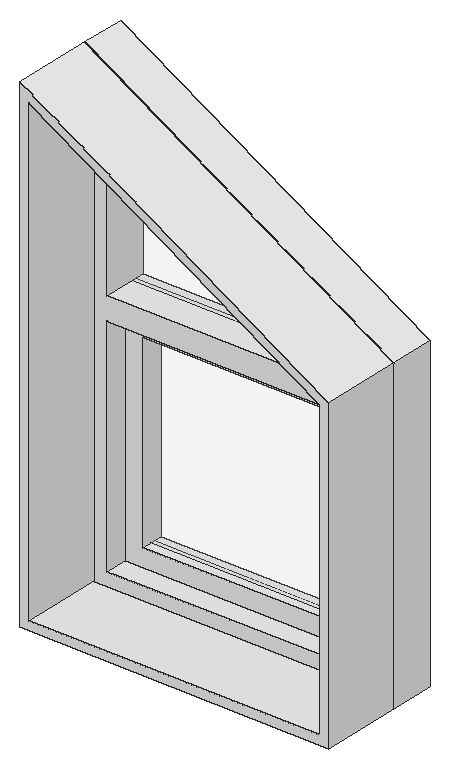
Revit family "1x2 Angled", category Windows, host Wall, Revit 2015
Parameters (values of type "7x11M")
  WindowBasalOpening = ""
  Wall Thickness [instance] = 300 mm
  URL = ""
  Total Glass Area = (Rough Height - Frame Width * 2) * (Rough Width - Frame Width * 2)  # 0.5841 m²
  Offset [instance] = 20 mm
  Module Width = Rough Width / 100 mm  # 7
  Module Height = Rough Height / 100 mm  # 11
  Material Jamb = none
  Jamb Width = 20 mm
  Jamb [instance] = yes
  Height Top = tan(Angle) * (Rough Width)  # 398.372 mm
  Height Bottom = 600 mm
  Gap [instance] = 10 mm
  Rough Width = 690 mm
  Rough Height = 1090 mm
  Model = ""
  Material Glass = none
  Material Frame = none
  Frame Width = 50 mm
  Height [instance] = Rough Height + Gap * 2  # 1110 mm
  Frame Depth = 100 mm
  Field 1 [instance] = Opening : Opening
  Default Sill Height = 900 mm
  Wall Closure = By host
  Width [instance] = Rough Width + Gap * 2  # 710 mm
  Assembly Code = ""
  Angle = 30.00°
  Analytic Construction = "<None>"
Reference planes
  plane 1 "Center (Front/Back)": y = -20
  plane 2 "Center (Left/Right)": x = -42.398
  plane 3 "Left": x = -397.398
  plane 4 "Right": x = 312.602
  plane 5 "Sill": z = 900
  plane 6 "Head": z = 2010
  plane 7 "Exterior": y = 130
  plane 8 "Interior": y = -170
  plane 9: x = -387.398
  plane 10: x = 302.602
  plane 11: z = 910
  plane 12: z = 2000
  plane 13 "Offset": y = 110
  plane 14 "Offset Jamb": y = 10
  plane 15: x = 252.602
  plane 16: x = -337.398
  plane 17: z = 1950
  plane 18: z = 960
  plane 19: x = -397.398
  plane 20: x = 312.602
  plane 21: z = 900
  plane 22: z = 2010
  plane 23: z = 1510
  plane 24: z = 1460
  plane 25: z = 1601.628
Forms (mm)
  Extrusion 1, solid, material <- "Material Frame"
    sketch origin (0, 110, 0) x (-1, 0, 0) y (0, 0, 1)
      loop
        line (-302.602, 910) -> (387.398, 910) -> (387.398, 2000) -> (-302.602, 1601.628) -> (-302.602, 910)
      loop
        line (-252.602, 960) -> (337.398, 960) -> (337.398, 1460) -> (-252.602, 1460) -> (-252.602, 960)
      loop
        line (337.398, 1913.397) -> (-252.602, 1572.761) -> (-252.602, 1510) -> (337.398, 1510) -> (337.398, 1913.397)
    from 0 to -100
  Extrusion 2, solid, material <- "Material Jamb", visible <- "Jamb", detail levels medium+fine
    sketch origin (0, 10, 0) x (-1, 0, 0) y (0, 0, 1)
      loop
        line (-302.602, 1601.628) -> (-302.602, 910) -> (387.398, 910) -> (387.398, 2000) -> (-302.602, 1601.628)
      loop
        line (367.398, 930) -> (367.398, 1965.359) -> (-282.602, 1590.081) -> (-282.602, 930) -> (367.398, 930)
    from 0 to -180
  Extrusion 3, solid, material <- "Material Glass"
    sketch origin (0, 110, 0) x (-1, 0, 0) y (0, 0, 1)
      loop
        line (-252.602, 1510) -> (337.398, 1510) -> (337.398, 1913.397) -> (-252.602, 1572.761) -> (-252.602, 1510)
    from -20 to -30
Lines and regions (mm)
  Opening 1
    outline origin (3500, -170, 0) x (1, 0, 0) y (0, 0, 1)
      loop
        line (-3187.398, 900) -> (-3187.398, 1607.402) -> (-3897.398, 2017.321) -> (-3897.398, 900) -> (-3187.398, 900)
  symbolic lines, style "WindowsGlassProjection", detail levels fine
    curve 1: line (-42.398, 80, 1913.397) -> (-42.398, 80, 1510)
    curve 2: line (-42.398, 90, 1510) -> (-42.398, 90, 1913.397)
  symbolic lines, style "WindowsGlassProjection", detail levels coarse+medium
    curve 3: line (-42.398, 85, 1913.397) -> (-42.398, 85, 1510)
Text (mm)
  text "EXTERIOR" at (-1981.535, 863.181, 0), in view "Ref. Level"
  text "INTERIOR" at (-2017.992, -707.606, 0), in view "Ref. Level"
  text "Exterior" at (0, 923.751, 2943.296), in view "Right"
  text "Exterior" at (0, 1019.841, 2788.626), in view "Left"
Dimensions and locks
  equal spacing: plane 3 "Left", plane 2 "Center (Left/Right)", plane 4 "Right"
  "Rough Width": plane 9 to plane 10
  "Rough Height": plane 11 to plane 12
  "Default Sill Height": plane 21 to level
  locked: plane 7 "Exterior" to host wall
  locked: plane 8 "Interior" to host wall
  "Gap": plane 12 to plane 6 "Head"
  "Gap": plane 5 "Sill" to plane 11
  "Gap": plane 10 to plane 4 "Right"
  "Gap": plane 9 to plane 3 "Left"
  "Offset": plane 13 "Offset" to plane 7 "Exterior"
  "Frame Depth": plane 13 "Offset" to plane 14 "Offset Jamb"
  equal spacing: plane 8 "Interior", plane 1 "Center (Front/Back)", plane 7 "Exterior"
  "Frame Width": plane 17 to plane 12
  "Frame Width": plane 16 to plane 9
  "Frame Width": plane 11 to plane 18
  "Frame Width": plane 10 to plane 15
  "Jamb Width": Extrusion 2 sketch curve to Extrusion 2 sketch curve  (x3)
  "Wall Thickness": host wall to host wall
  "Height Bottom": plane 11 to plane 23
  "Frame Width": plane 24 to plane 23
  "Height Top": plane 25 to plane 12
  "Frame Width": Extrusion 1 sketch curve to Extrusion 1 sketch curve
  "Jamb Width": Extrusion 1 to Extrusion 2 sketch curve
  "Gap": Opening 1 sketch curve to Extrusion 1
  equal spacing: Extrusion 3, curve 3, Extrusion 3
  aligned and locked: plane 10 to Extrusion 1
  aligned and locked: Extrusion 1 to plane 9
  aligned and locked: Extrusion 1 to plane 11
  aligned and locked: Extrusion 1 to plane 14 "Offset Jamb"
  aligned and locked: plane 8 "Interior" to Extrusion 2
  aligned and locked: Extrusion 1 sketch curve to plane 15
  aligned and locked: Extrusion 1 sketch curve to plane 16  (x2)
  aligned and locked: Extrusion 2 sketch curve to plane 9
  aligned and locked: Extrusion 2 sketch curve to plane 10
  aligned and locked: Extrusion 2 sketch curve to plane 11
  aligned and locked: plane 19 to plane 3 "Left"
  aligned and locked: plane 20 to plane 4 "Right"
  aligned and locked: plane 21 to plane 5 "Sill"
  aligned and locked: plane 22 to plane 6 "Head"
  aligned and locked: Extrusion 1 sketch curve to plane 18
  aligned and locked: nested 1 to plane 15
  aligned and locked: plane 18 to nested 1
  aligned and locked: Extrusion 1 sketch curve to plane 24
  aligned and locked: Extrusion 1 sketch curve to plane 23
  aligned and locked: nested 1 to plane 24
  aligned and locked: plane 16 to nested 1
  aligned and locked: Extrusion 2 sketch curve to Extrusion 1
  aligned and locked: Extrusion 3 sketch curve to plane 23
  aligned and locked: Extrusion 3 sketch curve to plane 15
  aligned and locked: plane 16 to Extrusion 3 sketch curve
  aligned and locked: Extrusion 3 sketch curve to Extrusion 1
  aligned and locked: Extrusion 3 to curve 1
  aligned and locked: curve 2 to Extrusion 3
Automatic sketch dimensions
  Opening 1 sketch curve to plane 3 "Left" = 0 mm
  Opening 1 sketch curve to plane 5 "Sill" = 0 mm
  Extrusion 1 sketch curve to plane 10 = 0 mm
  Extrusion 1 sketch curve to plane 15 = 0 mm
  Extrusion 1 sketch curve to plane 9 = 0 mm
  Extrusion 1 sketch curve to plane 11 = 0 mm
  Extrusion 1 sketch curve to plane 12 = 0 mm
  Extrusion 1 sketch curve to plane 25 = 0 mm
  plane 4 "Right" to Opening 1 sketch curve = 0 mm
  curve 3 to plane 23 = 0 mm
  curve 1 to plane 23 = 0 mm
  curve 2 to plane 23 = 0 mm
  curve 3 to plane 17 = 36.603 mm
  curve 3 to curve 2 = 0 mm
  curve 1 to curve 3 = 0 mm
Nested families
  nested 1: "Opening" at (-42.398, -20, 160), type <- "Field 1", Offset <- "Offset", Material Glass <- "Material Glass", Material Frame <- "Material Frame", type "Opening"
    with Width 590 mm, Offset 20 mm, Material Glass none, Material Frame none, Height 500 mm
Definition of nested family "Opening"
  Parameters
    Offset [instance] = 20 mm
    Material Glass [instance] = none
    Material Frame [instance] = none
    Height [instance] = 1500 mm
    Default Sill Height = 800 mm
    Wall Closure = (empty or 0)
    Width [instance] = 1000 mm
  Reference planes
    plane 1 "Center (Front/Back)": y = 0
    plane 2 "Center (Left/Right)": x = 0
    plane 3 "Left": x = -500
    plane 4 "Right": x = 500
    plane 5 "Sill": z = 800
    plane 6 "Head": z = 2300
    plane 7 "Exterior": y = 100
    plane 8 "Interior": y = -100
    plane 9 "Offset": y = 80
    plane 10: z = 1550
  Forms (mm)
    Extrusion 1, solid, material <- "Material Frame"
      sketch origin (0, 80, 0) x (-1, 0, 0) y (0, 0, 1)
        loop
          line (-500, 2300) -> (-500, 800) -> (500, 800) -> (500, 2300) -> (-500, 2300)
        loop
          line (-460, 2260) -> (-460, 840) -> (460, 840) -> (460, 2260) -> (-460, 2260)
      from 0 to -50
    Extrusion 2, solid, material <- "Material Glass"
      sketch origin (0, 80, 0) x (-1, 0, 0) y (0, 0, 1)
        loop
          line (-460, 2260) -> (-460, 840) -> (460, 840) -> (460, 2260) -> (-460, 2260)
      from -20 to -30
  Lines and regions (mm)
    symbolic lines
      curve 1: line (500, 100, 2300) -> (-500, 100, 1550)
      curve 2: line (-500, 100, 1550) -> (500, 100, 800)
    symbolic lines, detail levels fine
      curve 3: line (-460, 50, 0) -> (460, 50, 0)
      curve 4: line (460, 60, 0) -> (-460, 60, 0)
      curve 6: line (500, 50, 840) -> (500, 50, 2260)
      curve 7: line (500, 60, 2260) -> (500, 60, 840)
    symbolic lines, detail levels coarse+medium
      curve 5: line (-460, 55, 0) -> (460, 55, 0)
      curve 8: line (500, 55, 2260) -> (500, 55, 840)
  Text (mm)
    text "EXTERIOR" at (-1963.203, 1332.353, 0), in view "Ref. Level"
    text "INTERIOR" at (-1981.466, -818.386, 0), in view "Ref. Level"
    text "Exterior" at (0, 923.751, 2943.296), in view "Right"
    text "Exterior" at (0, 1040.484, 2685.409), in view "Left"
  Dimensions and locks
    equal spacing: plane 3 "Left", plane 2 "Center (Left/Right)", plane 4 "Right"
    "Width": plane 3 "Left" to plane 4 "Right"
    "Height": plane 5 "Sill" to plane 6 "Head"
    "Default Sill Height": plane 5 "Sill" to level
    locked: plane 7 "Exterior" to host wall at 0
    locked: plane 8 "Interior" to host wall
    "Offset": plane 9 "Offset" to plane 7 "Exterior"
    equal spacing: plane 5 "Sill", plane 10, plane 6 "Head"
    equal spacing: Extrusion 2, curve 5, Extrusion 2
    equal spacing: Extrusion 2, curve 8, Extrusion 2
    aligned and locked: Extrusion 2 sketch curve to Extrusion 1  (x4)
    aligned and locked: curve 3 to Extrusion 2
    aligned and locked: curve 4 to Extrusion 2
    aligned and locked: curve 6 to Extrusion 2
    aligned and locked: curve 7 to Extrusion 2
  Automatic sketch dimensions
    plane 4 "Right" to Extrusion 1 sketch curve = 0 mm
    plane 3 "Left" to Extrusion 1 sketch curve = 0 mm
    Extrusion 1 sketch curve to plane 5 "Sill" = 0 mm
    Extrusion 1 sketch curve to plane 6 "Head" = 0 mm
    plane 4 "Right" to Extrusion 1 sketch curve = 40 mm
    Extrusion 1 sketch curve to plane 3 "Left" = 40 mm
    Extrusion 1 sketch curve to plane 5 "Sill" = 40 mm
    plane 6 "Head" to Extrusion 1 sketch curve = 40 mm
    plane 3 "Left" to curve 2 = 0 mm
    plane 4 "Right" to curve 2 = 0 mm
    plane 4 "Right" to curve 1 = 0 mm
    curve 2 to plane 5 "Sill" = 0 mm
    curve 2 to plane 10 = 0 mm
    curve 1 to plane 6 "Head" = 0 mm
    curve 5 to plane 3 "Left" = 40 mm
    curve 4 to curve 5 = 0 mm
    curve 3 to curve 5 = 0 mm  (x2)
    plane 4 "Right" to curve 4 = 40 mm
    curve 5 to curve 4 = 0 mm
    curve 8 to plane 5 "Sill" = 40 mm
    curve 7 to curve 8 = 0 mm  (x2)
    curve 8 to curve 6 = 0 mm  (x2)
    plane 6 "Head" to curve 8 = 40 mm
